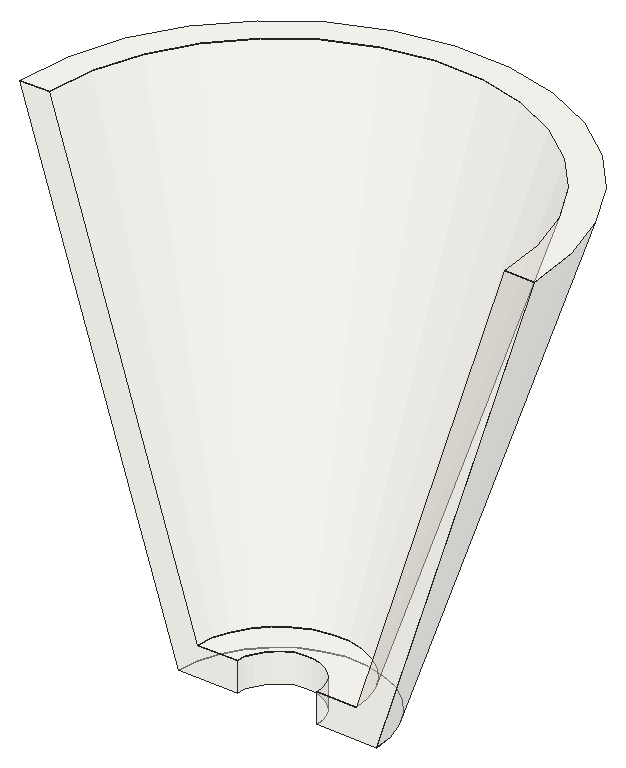
Revit family
Parameters (values of type "100 와트 백열")
  Wattage = 100 W
  built-in parameter 1150110 = 1 (stored number, unit not read)
  built-in parameter 1114217 = 1 (stored number, unit not read)
  built-in parameter 1150109 = 1 (stored number, unit not read)
  built-in parameter 1150134 = 4
  built-in parameter 1150113 = 1 (stored number, unit not read)
  built-in parameter 1150115 = 1 (stored number, unit not read)
  built-in parameter 1150105 = 381.97 (stored number, unit not read)
  Light Source Symbol Size = 609.6 mm
  built-in parameter 1150137 = (empty or 0)
  built-in parameter 1150139 = (empty or 0)
  built-in parameter 1150112 = 1 (stored number, unit not read)
  built-in parameter 1150114 = 1 (stored number, unit not read)
  Lamp = "R-30"
  Lumens = 1200 lm
  장착 높이 = 1900 mm
  음영처리 = 유리 - 젖빛
  Wattage Comments = "100"
  built-in parameter 1150132 = (empty or 0)
  built-in parameter 1150102 = (empty or 0)
  built-in parameter 1150138 = (empty or 0)
  built-in parameter 1150107 = 2800 (stored number, unit not read)
  built-in parameter 1150106 = 3.8197 (stored number, unit not read)
  built-in parameter 1150104 = 1.1148 (stored number, unit not read)
  Dimming Lamp Color Temperature Shift = (empty or 0)
  Color Filter = 16777215
  built-in parameter 1114218 = 1 (stored number, unit not read)
  built-in parameter 1150133 = 10 (stored number, unit not read)
Types (3, lengths in mm): name | Wattage | built-in parameter 1150105 | Lamp | Lumens | Wattage Comments | built-in parameter 1150106 | built-in parameter 1150104
  (no name) | 100 W | 381.97 (stored number, unit not read) | "R-30" | 1200 lm | "100" | 3.8197 (stored number, unit not read) | 1.1148 (stored number, unit not read)
  100 와트 백열 | 100 W | 381.97 (stored number, unit not read) | "R-30" | 1200 lm | "100" | 3.8197 (stored number, unit not read) | 1.1148 (stored number, unit not read)
  60 와트 백열 | 60 W | 272.15 (stored number, unit not read) | "A-19" | 855 lm | "60" | 2.7215 (stored number, unit not read) | 1.3239 (stored number, unit not read)
Reference planes
  plane 1: y = 0
  plane 2 "광원 축": x = 0
  plane 3: z = 2103.2
  plane 4: z = 1696.8
  plane 5 "광원 입면도": z = 1900
  plane 6 "광원 축": y = 76.2
  plane 7: y = 76.2
Forms (mm)
  Revolve 1, solid, material "유리 - 젖빛" <- "음영처리"
    sketch origin (-1524, 76.2, 0) x (-1, 0, 0) y (0, 0, 1)
      loop
        line (-1609.025, 1696.8) -> (-1558.225, 1696.8) -> (-1558.225, 1722.2) -> (-1592.137, 1722.2) -> (-1719.806, 2103.2) -> (-1745.206, 2103.2) -> (-1609.025, 1696.8)
      axis (-1524, 2103.2) -> (-1524, 1696.8)
    angle from 180 to 360
Lines and regions (mm)
  Masking region 1
    outline origin (0, 0, 0) x (1, 0, 0) y (0, 1, 0)
      loop
        line (-221.206, 76.2) -> (221.206, 76.2)
        arc (221.206, 76.2) -> (0, 297.406) -> (-221.206, 76.2) r 221.206
  symbolic lines
    curve 1: arc (-68.137, 76.2, 0) -> (0, 144.337, 0) -> (68.137, 76.2, 0) r 68.137
    curve 2: arc (-221.206, 76.2, 0) -> (0, 297.406, 0) -> (221.206, 76.2, 0) r 221.206
  model lines, style "InvisibleLines"
    curve 3: line (0, 76.2, 1696.8) -> (0, 76.2, 0)
Text (mm)
  text "앞면" at (0, 1019.848, 3124.603), in view "오른쪽"
  text "앞면" at (-641.454, 723.012, 0), in view "바닥 선"
  text "앞면" at (0, 977.893, 2611.958), in view "왼쪽"
Dimensions and locks
  plane 4 to plane 3 = 406.4 mm
  plane 5 "광원 입면도" to plane 3 = 203.2 mm
  "장착 높이": level to plane 5 "광원 입면도"
  aligned and locked: curve 1 to Revolve 1
  aligned and locked: curve 2 to Revolve 1
  aligned and locked: plane 7 to host wall
  aligned and locked: Masking region 1 sketch curve to curve 2
  aligned and locked: Masking region 1 sketch curve to plane 7
  aligned and locked: imposter light to plane 2 "광원 축"
  aligned and locked: imposter light to plane 5 "광원 입면도"
  aligned and locked: plane 6 "광원 축" to imposter light
  aligned and locked: plane 6 "광원 축" to plane 7
Automatic sketch dimensions
  curve 1 to curve 2 = 0 mm
  curve 2 to plane 2 "광원 축" = 0 mm
  curve 1 to curve 1 = 68.137 mm
  curve 2 to curve 1 = 153.069 mm
  curve 3 to plane 2 "광원 축" = 0 mm
  curve 3 to plane 4 = 0 mm
  curve 3 to level = 0 mm
  Revolve 1 sketch curve to plane 3 = 0 mm
  Revolve 1 sketch curve to plane 4 = 0 mm
  Revolve 1 sketch curve to plane 2 "광원 축" = 0 mm
  plane 2 "광원 축" to Revolve 1 sketch curve = 34.225 mm
  Revolve 1 sketch curve to Revolve 1 sketch curve = 33.911 mm
  Revolve 1 sketch curve to Revolve 1 sketch curve = 16.889 mm
  plane 2 "광원 축" to Revolve 1 sketch curve = 195.806 mm
  Revolve 1 sketch curve to Revolve 1 sketch curve = 25.4 mm
  plane 4 to Revolve 1 sketch curve = 64.826 mm
  Revolve 1 sketch curve to plane 4 = 25.4 mm
  Revolve 1 sketch curve to plane 5 "광원 입면도" = 36.774 mm
